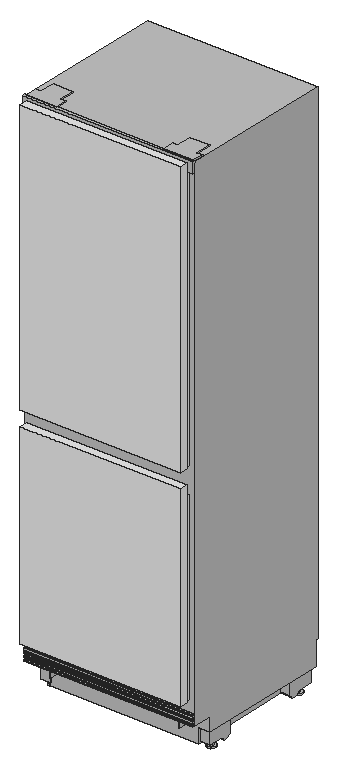
Revit family "FP-Revit18-en-RS6019BRU1-FridgeFreezer-0-AA-BI-HK-SG-CN-EU-90002452A", category Specialty Equipment, Revit 2018
Family settings
  Round Connector Dimension = Use Diameter
  Part Type = Normal
  OmniClass Number = 23.40.40.11.11
  OmniClass Title = Refrigerators and Freezers
  Work Plane-Based = No
  Always vertical = Yes
  Cut with Voids When Loaded = Yes
  Shared = No
  Room Calculation Point = No
Parameters (values of type "RS6019BRU1")
  Visibility - Toe Kick Panel [instance] = no
  Visibility - Clearance Required [instance] = yes
  URL = "www.fisherpaykel.com"
  Panel - Width [instance] = 592 mm
  Panel - Thickness [instance] = 19 mm
  Panel - FFL to Bottom of Bottom Panel (15mm - 150mm) [instance] = 102 mm
  Toe Kick - Recess [instance] = 63 mm
  Stainless Steel Door Panels (RD6019BR) [instance] = no
  Product - Width = 592 mm  # constant formula
  Product - Height [instance] = ([Cavity - Height (1870mm - 1890mm)])  # 1880 mm
  Product - Depth (exl front panel) = 579 mm  # constant formula
  Model = "RS6019BRU1"
  Material - Door Structure = Fisher & Paykel - White
  Material - Door Front [instance] = Fisher & Paykel - Stainless Steel
  Material - Body = Fisher & Paykel - Grey
  Manufacturer = "Fisher & Paykel Appliances"
  Handle Style - Professional Round Flush (AHP3RDB19) [instance] = no
  Handle Style - Contemporary Square Fine Black (AHD5RDB19B) [instance] = no
  Handle Style - Contemporary Square Fine (AHD5RDB19) [instance] = no
  Handle Style - Contemporary Round (AHSRDB19) [instance] = no
  Handle Style - Classic Round (AHCLRDB) [instance] = no
  Description = "60cm Integrated Refrigerator with Bottom mount Freezer"
  Connector Description - Water = "min 275 kPa (40 psi) max 827 kPa (120 psi)"
  Connector Description - Electrical = "230 V, 50 Hz, 10 A circuit"
  Cavity - Width = 600 mm  # constant formula
  Cavity - Height (1870mm - 1890mm) [instance] = 1880 mm
  Panel - FFL to Top of Top Panel (1867mm min) [instance] = 1877 mm
  Cavity - Depth (600mm min with services external) = 600 mm
Reference planes
  plane 1 "Datum": y = 0
  plane 2: z = 0
  plane 3 "Center (Left/Right)": x = 0
  plane 4 "Product LHS": x = -296
  plane 5 "Product RHS": x = 296
  plane 6 "Product - Depth": y = 579
  plane 7: x = -300
  plane 8: x = 300
  plane 9 "Cavity - Depth": y = 581
  plane 10 "Product Height": z = 1880
  plane 11 "Cavity Height": z = 1880
  plane 12 "Panel Thickness": y = -19
  plane 13 "Base": z = 14.497
Forms (mm)
  Extrusion 1, solid, material "Fisher & Paykel - Grey" <- "Material - Body"
    sketch origin (0, 0, 0) x (0, 1, 0) y (0, 0, 1)
      loop
        line (108, 62.997) -> (571.5, 62.997) -> (571.5, 149.997) -> (579, 149.997) -> (579, 1875.998) -> (42.5, 1875.998) -> (42.5, 110.697) -> (108, 110.697) -> (108, 62.997)
    from -296 to 296
  Extrusion 2, solid, material "Fisher & Paykel - Grey" <- "Material - Body"
    sketch origin (0, 0, 0) x (1, 0, 0) y (0, 0, 1)
      loop
        circle (87.23, 31.993) r 5
      loop
        circle (-241.922, 42) r 6
    from -579 to -571.5
  Extrusion 3, solid, material "Fisher & Paykel - White" <- "Material - Door Structure"
    sketch origin (0, 0, 0) x (1, 0, 0) y (0, 1, 0)
      loop
        line (-274.25, 42.5) -> (-274.25, 28.4) -> (274.25, 28.4) -> (274.25, 42.5) -> (-274.25, 42.5)
    from 917.747 to 1838.148
  Extrusion 4, solid, material "Fisher & Paykel - White" <- "Material - Door Structure"
    sketch origin (0, 0, 0) x (1, 0, 0) y (0, 1, 0)
      loop
        line (-280, 28.4) -> (-280, 0) -> (280, 0) -> (280, 28.4) -> (-280, 28.4)
    from 916.247 to 1872.747
  Extrusion 5, solid, material "Fisher & Paykel - Stainless Steel" <- "Material - Door Front", visible <- "Stainless Steel Door Panels (RD6019BR)"
    sketch origin (0, 0, 21.503) x (0, 1, 0) y (0, 0, 1)
      loop
        line (-19, 1855.497) -> (-19, 854.497) -> (0, 854.497) -> (0, 1855.497) -> (-19, 1855.497)
      loop
        line (-19, 80.497) -> (0, 80.497) -> (0, 851.497) -> (-19, 851.497) -> (-19, 80.497)
    from -296 to 296
  Extrusion 6, solid, material "Fisher & Paykel - Clearance Required", visible <- "Visibility - Clearance Required", detail levels coarse
    sketch origin (0, 0, 0) x (1, 0, 0) y (0, 1, 0)
      loop
        line (-300, 581) -> (-300, 0) -> (300, 0) -> (300, 581) -> (-300, 581)
    from 0 to 1880
  Extrusion 7, solid, material "Fisher & Paykel - White" <- "Material - Door Structure"
    sketch origin (0, 0, 0) x (1, 0, 0) y (0, 1, 0)
      loop
        line (-280, 28.4) -> (-280, 0) -> (280, 0) -> (280, 28.4) -> (-280, 28.4)
    from 183.947 to 865.047
  Extrusion 8, solid, material "Fisher & Paykel - White" <- "Material - Door Structure"
    sketch origin (0, 0, 0) x (1, 0, 0) y (0, 1, 0)
      loop
        line (-274.25, 42.5) -> (-274.25, 28.4) -> (274.25, 28.4) -> (274.25, 42.5) -> (-274.25, 42.5)
    from 185.35 to 828.347
  Extrusion 9, solid, material "Fisher & Paykel - Clearance Required", visible <- "Visibility - Clearance Required", detail levels coarse
    sketch origin (0, -8.858, 0) x (1, 0, 0) y (0, 1, 0)
      loop
        arc (-296, -10.142) -> (-23.116, -502.405) -> (539.267, -525.083) r 574.255
        line (539.267, -525.083) -> (299.146, -10.142) -> (-296, -10.142)
    from 0 to 1880
  Extrusion 10, solid, material "Fisher & Paykel - Grey" <- "Material - Body", detail levels fine
    sketch origin (0, 0, 0) x (0, 1, 0) y (0, 0, 1)
      loop
        line (35.5, 149.997) -> (35.5, 145.997) -> (42.5, 145.997) -> (42.5, 149.997) -> (35.5, 149.997)
      loop
        line (35.5, 138.233) -> (35.5, 134.233) -> (42.5, 134.233) -> (42.5, 138.233) -> (35.5, 138.233)
      loop
        line (35.5, 114.697) -> (35.5, 110.697) -> (42.5, 110.697) -> (42.5, 114.697) -> (35.5, 114.697)
      loop
        line (35.5, 126.467) -> (35.5, 122.467) -> (42.5, 122.467) -> (42.5, 126.467) -> (35.5, 126.467)
      loop
        line (33.5, 1880) -> (33.5, 1842.094) -> (42.5, 1842.094) -> (42.5, 1880) -> (33.5, 1880)
    from -296 to 296
  Extrusion 11, solid, material "Fisher & Paykel - Grey" <- "Material - Body"
    sketch origin (0, 0, 0) x (0, 1, 0) y (0, 0, 1)
      loop
        line (108, 62.997) -> (108, 14.497) -> (571.5, 14.497) -> (571.5, 62.997) -> (108, 62.997)
    from -259 to 259
  Extrusion 12, solid, material "Fisher & Paykel - Grey" <- "Material - Body"
    sketch origin (0, 0, 0) x (0, 1, 0) y (0, 0, 1)
      loop
        line (199.5, 62.997) -> (109.5, 62.997) -> (109.5, 21.997) -> (161.836, 21.997)
        arc (161.836, 21.997) -> (180.668, 9.967) -> (199.5, 21.997) r 20.754
        line (199.5, 21.997) -> (199.5, 62.997)
      loop
        line (460.586, 62.997) -> (460.586, 21.997)
        arc (460.586, 21.997) -> (479.418, 9.967) -> (498.25, 21.997) r 20.754
        line (498.25, 21.997) -> (550.586, 21.997) -> (550.586, 62.997) -> (460.586, 62.997)
    from 259 to 294
  Extrusion 13, solid, material "Fisher & Paykel - Grey" <- "Material - Body", detail levels fine
    sketch origin (0, 0, 0) x (1, 0, 0) y (0, 1, 0)
      loop
        line (-273, 136.5) -> (-273, 82.6) -> (-291, 82.6) -> (-291, 42.5) -> (-187, 42.5) -> (-187, 82.6) -> (-205, 82.6) -> (-205, 136.5) -> (-273, 136.5)
      loop
        line (273, 136.5) -> (205, 136.5) -> (205, 82.6) -> (187, 82.6) -> (187, 42.5) -> (291, 42.5) -> (291, 82.6) -> (273, 82.6) -> (273, 136.5)
    from 1875.998 to 1880
  Extrusion 14, solid, material "Fisher & Paykel - Stainless Steel" <- "Material - Door Front", visible <- "Visibility - Toe Kick Panel"
    sketch origin (0, 0, 0) x (0, 1, 0) y (0, 0, 1)
      loop
        line (44, 110) -> (44, 0) -> (63, 0) -> (63, 110) -> (44, 110)
    from -296 to 296
  Extrusion 15, solid, material "Fisher & Paykel - Grey" <- "Material - Body", detail levels fine
    sketch origin (0, 0, 0) x (1, 0, 0) y (0, 1, 0)
      loop
        circle (276.5, 140.6) r 15
      loop
        circle (276.5, 519.6) r 15
      loop
        circle (-276.5, 140.6) r 15
      loop
        circle (-276.5, 519.6) r 15
    from 0 to 3
  Extrusion 16, solid, material "Fisher & Paykel - Grey" <- "Material - Body", detail levels fine
    sketch origin (0, 0, 0) x (1, 0, 0) y (0, 1, 0)
      loop
        circle (276.5, 140.6) r 5
      loop
        circle (276.5, 519.6) r 5
      loop
        circle (-276.5, 140.6) r 5
      loop
        circle (-276.5, 519.6) r 5
    from 3 to 21.997
  Extrusion 17, solid, material "Fisher & Paykel - Grey" <- "Material - Body", detail levels fine
    sketch origin (0, 0, 0) x (0, 1, 0) y (0, 0, 1)
      loop
        line (63.1, 70.7) -> (108, 70.7) -> (108, 110.697) -> (63.1, 110.697) -> (63.1, 70.7)
    from 224 to 226
  Extrusion 18, solid, material "Fisher & Paykel - Grey" <- "Material - Body", detail levels fine
    sketch origin (0, 0, 0) x (0, 1, 0) y (0, 0, -1)
      loop
        line (63.1, -70.7) -> (63.1, -110.697) -> (108, -110.697) -> (108, -70.7) -> (63.1, -70.7)
    from 224 to 226
  Extrusion 19, solid, material "Fisher & Paykel - Grey" <- "Material - Body"
    sketch origin (0, 0, 0) x (0, 1, 0) y (0, 0, -1)
      loop
        line (199.5, -62.997) -> (199.5, -21.997)
        arc (199.5, -21.997) -> (180.668, -9.967) -> (161.836, -21.997) r 20.754
        line (161.836, -21.997) -> (109.5, -21.997) -> (109.5, -62.997) -> (199.5, -62.997)
      loop
        line (460.586, -62.997) -> (550.586, -62.997) -> (550.586, -21.997) -> (498.25, -21.997)
        arc (498.25, -21.997) -> (479.418, -9.967) -> (460.586, -21.997) r 20.754
        line (460.586, -21.997) -> (460.586, -62.997)
    from 259 to 294
  Extrusion 20, void
    sketch origin (0, 1000, 0) x (1, 0, 0) y (0, 1, 0)
      loop
        line (-300, -419) -> (-300, -1019) -> (300, -1019) -> (300, -419) -> (-300, -419)
    from 0 to 1880
Cuts and joins
  joined: Extrusion 1, Extrusion 11, Extrusion 12
Text (mm)
  text "Due to ongoing product development, product details are subject to change without notice. \nPlease always refer to www.fisherpaykel.com for the most current product information. \n© Fisher & Paykel 2020" at (41.04, -678.295, 0), in view "Ref. Level (Plan)"
Dimensions and locks
  equal spacing: plane 4 "Product LHS", plane 3 "Center (Left/Right)", plane 5 "Product RHS"
  "Product - Width": plane 4 "Product LHS" to plane 5 "Product RHS"
  "Product - Depth (exl front panel)": plane 1 "Datum" to plane 6 "Product - Depth"
  equal spacing: plane 7, plane 3 "Center (Left/Right)", plane 8
  "Cavity - Width": plane 7 to plane 8
  Extrusion 2 sketch curve to plane 5 "Product RHS" = 208.77 mm
  plane 4 "Product LHS" to Extrusion 2 sketch curve = 54.078 mm
  "Cavity - Height (1870mm - 1890mm)": plane 11 "Cavity Height" to level
  locked: cut or joined group of Extrusion 1, Extrusion 11, Extrusion 12 to plane 10 "Product Height" at 4.002
  "Panel - Thickness": Extrusion 14 to Extrusion 14
  "Toe Kick - Recess": plane 1 "Datum" to Extrusion 14
  locked: Extrusion 9 sketch curve to plane 12 "Panel Thickness" at 514.941
  locked: Extrusion 9 sketch curve to Extrusion 9 sketch curve at 568.175
  Extrusion 9 to nested 1 = 1415.495 mm
  "Panel - Thickness": plane 12 "Panel Thickness" to plane 1 "Datum"
  plane 13 "Base" to level = 14.497 mm
  Extrusion 5 to Extrusion 5 = 1001 mm
  locked: Extrusion 5 to Extrusion 5 at 3
  locked: plane 10 "Product Height" to plane 13 "Base" at 1865.503
  Extrusion 5 to plane 13 "Base" = 858.503 mm
  Extrusion 5 to plane 13 "Base" = 861.502 mm
  locked: nested 1 to plane 13 "Base" at 548.997
  locked: nested 1 to plane 13 "Base" at 877.997
  locked: plane 10 "Product Height" to plane 11 "Cavity Height" at 0
  locked: cut or joined group of Extrusion 1, Extrusion 11, Extrusion 12 to plane 13 "Base" at 96.2
  locked: cut or joined group of Extrusion 1, Extrusion 11, Extrusion 12 to plane 13 "Base" at 7.5
  locked: Extrusion 7 to plane 13 "Base" at 169.45
  locked: Extrusion 8 to plane 13 "Base" at 813.85
  locked: Extrusion 7 to plane 13 "Base" at 850.55
  locked: Extrusion 4 to plane 13 "Base" at 901.75
  locked: Extrusion 3 to plane 13 "Base" at 903.25
  locked: Extrusion 3 to plane 13 "Base" at 1823.65
  locked: Extrusion 4 to plane 13 "Base" at 1858.25
  locked: Extrusion 14 to cut or joined group of Extrusion 1, Extrusion 11, Extrusion 12 at 0.697
  locked: Extrusion 17 to plane 13 "Base" at 56.203
  locked: plane 13 "Base" to Extrusion 8 at 170.853
  locked: Extrusion 10 to plane 13 "Base" at 1827.596
  "Panel - FFL to Top of Top Panel (1867mm min)": Extrusion 5 to level
  "Panel - FFL to Bottom of Bottom Panel (15mm - 150mm)": Extrusion 5 to level
  locked: Extrusion 5 to plane 13 "Base" at 858.503
  equal spacing: Extrusion 5, plane 3 "Center (Left/Right)", Extrusion 5
  "Panel - Width": Extrusion 5 to Extrusion 5
  "Cavity - Depth (600mm min with services external)": plane 12 "Panel Thickness" to plane 9 "Cavity - Depth"
  locked: nested 2 to plane 13 "Base" at 549
  locked: nested 3 to plane 13 "Base" at 574.5
  locked: nested 4 to plane 13 "Base" at 549
  locked: nested 5 to plane 13 "Base" at 563.997
  radius of Extrusion 2 sketch curve = 5 mm
  diameter of Extrusion 9 sketch curve = 1148.51 mm
  aligned and locked: level to plane 2
  aligned and locked: Extrusion 1 to plane 5 "Product RHS"
  aligned and locked: plane 4 "Product LHS" to Extrusion 1
  aligned and locked: Extrusion 13 to cut or joined group of Extrusion 1, Extrusion 11, Extrusion 12
  aligned and locked: Extrusion 2 to cut or joined group of Extrusion 1, Extrusion 11, Extrusion 12
  aligned and locked: Extrusion 6 to plane 11 "Cavity Height"
  aligned and locked: Extrusion 10 to plane 10 "Product Height"
  aligned and locked: Extrusion 13 to plane 10 "Product Height"
  aligned and locked: Extrusion 5 to Extrusion 9  (x2)
  aligned and locked: plane 12 "Panel Thickness" to nested 1
  aligned and locked: Extrusion 11 to plane 13 "Base"
  aligned and locked: cut or joined group of Extrusion 1, Extrusion 11, Extrusion 12 to cut or joined group of Extrusion 1, Extrusion 11, Extrusion 12  (x4)
  aligned and locked: Extrusion 17 to cut or joined group of Extrusion 1, Extrusion 11, Extrusion 12
  aligned and locked: Extrusion 10 to cut or joined group of Extrusion 1, Extrusion 11, Extrusion 12
  aligned and locked: Extrusion 18 to Extrusion 10
  aligned and locked: Extrusion 18 to Extrusion 17
  aligned and locked: Extrusion 12 to Extrusion 1
  aligned and locked: Extrusion 16 to cut or joined group of Extrusion 1, Extrusion 11, Extrusion 12
  aligned and locked: Extrusion 9 to plane 11 "Cavity Height"
  aligned and locked: plane 12 "Panel Thickness" to nested 2
  aligned and locked: plane 12 "Panel Thickness" to nested 3
  aligned and locked: Extrusion 20 to plane 7
  aligned and locked: Extrusion 20 to plane 8
  aligned and locked: Extrusion 20 to plane 11 "Cavity Height"
  aligned and locked: Extrusion 20 to level
  aligned and locked: plane 12 "Panel Thickness" to Extrusion 20
  aligned and locked: plane 9 "Cavity - Depth" to Extrusion 20
  aligned and locked: plane 12 "Panel Thickness" to nested 4
  aligned and locked: plane 12 "Panel Thickness" to nested 5
Automatic sketch dimensions
  Extrusion 1 sketch curve to plane 6 "Product - Depth" = 0 mm
  Extrusion 1 sketch curve to plane 6 "Product - Depth" = 7.5 mm
  plane 13 "Base" to Extrusion 1 sketch curve = 48.5 mm
  Extrusion 1 sketch curve to plane 1 "Datum" = 108 mm
  plane 10 "Product Height" to Extrusion 1 sketch curve = 4.002 mm
  Extrusion 1 sketch curve to plane 1 "Datum" = 42.5 mm
  Extrusion 1 sketch curve to Extrusion 1 sketch curve = 47.7 mm
  Extrusion 1 sketch curve to Extrusion 1 sketch curve = 87 mm
  plane 13 "Base" to Extrusion 2 sketch curve = 17.495 mm
  plane 13 "Base" to Extrusion 2 sketch curve = 27.503 mm
  Extrusion 3 sketch curve to plane 4 "Product LHS" = 21.75 mm
  plane 5 "Product RHS" to Extrusion 3 sketch curve = 21.75 mm
  Extrusion 3 sketch curve to plane 1 "Datum" = 28.4 mm
  Extrusion 3 sketch curve to Extrusion 3 sketch curve = 14.1 mm
  plane 1 "Datum" to Extrusion 4 sketch curve = 0 mm
  Extrusion 4 sketch curve to plane 4 "Product LHS" = 16 mm
  plane 5 "Product RHS" to Extrusion 4 sketch curve = 16 mm
  Extrusion 4 sketch curve to plane 1 "Datum" = 28.4 mm
  Extrusion 5 sketch curve to plane 12 "Panel Thickness" = 0 mm  (x2)
  Extrusion 5 sketch curve to plane 1 "Datum" = 0 mm  (x2)
  plane 13 "Base" to Extrusion 5 sketch curve = 87.503 mm
  Extrusion 5 sketch curve to Extrusion 5 sketch curve = 771 mm
  Extrusion 5 sketch curve to Extrusion 5 sketch curve = 3 mm
  plane 10 "Product Height" to Extrusion 5 sketch curve = 3 mm
  plane 1 "Datum" to Extrusion 6 sketch curve = 0 mm
  Extrusion 6 sketch curve to plane 7 = 0 mm
  Extrusion 6 sketch curve to plane 8 = 0 mm
  Extrusion 6 sketch curve to plane 9 "Cavity - Depth" = 0 mm
  plane 1 "Datum" to Extrusion 7 sketch curve = 0 mm
  Extrusion 7 sketch curve to plane 4 "Product LHS" = 16 mm
  plane 5 "Product RHS" to Extrusion 7 sketch curve = 16 mm
  Extrusion 7 sketch curve to plane 1 "Datum" = 28.4 mm
  Extrusion 8 sketch curve to plane 4 "Product LHS" = 21.75 mm
  plane 5 "Product RHS" to Extrusion 8 sketch curve = 21.75 mm
  Extrusion 8 sketch curve to plane 1 "Datum" = 28.4 mm
  Extrusion 8 sketch curve to Extrusion 8 sketch curve = 14.1 mm
  Extrusion 9 sketch curve to plane 4 "Product LHS" = 0 mm
  plane 12 "Panel Thickness" to Extrusion 9 sketch curve = 0 mm
  plane 12 "Panel Thickness" to Extrusion 9 sketch curve = 3.437 mm
  plane 10 "Product Height" to Extrusion 10 sketch curve = 0 mm
  Extrusion 10 sketch curve to plane 1 "Datum" = 33.5 mm
  Extrusion 10 sketch curve to plane 1 "Datum" = 35.5 mm
  Extrusion 10 sketch curve to Extrusion 10 sketch curve = 0 mm  (x3)
  Extrusion 10 sketch curve to Extrusion 10 sketch curve = 7 mm  (x4)
  Extrusion 10 sketch curve to Extrusion 10 sketch curve = 9 mm
  Extrusion 10 sketch curve to Extrusion 10 sketch curve = 37.906 mm
  plane 13 "Base" to Extrusion 10 sketch curve = 135.5 mm
  Extrusion 10 sketch curve to Extrusion 10 sketch curve = 4 mm  (x4)
  Extrusion 10 sketch curve to Extrusion 10 sketch curve = 7.764 mm
  Extrusion 10 sketch curve to Extrusion 10 sketch curve = 7.767 mm
  Extrusion 10 sketch curve to Extrusion 10 sketch curve = 7.769 mm
  Extrusion 11 sketch curve to plane 13 "Base" = 0 mm
  Extrusion 11 sketch curve to plane 1 "Datum" = 108 mm
  Extrusion 11 sketch curve to plane 6 "Product - Depth" = 7.5 mm
  Extrusion 11 sketch curve to Extrusion 11 sketch curve = 48.5 mm
  plane 13 "Base" to Extrusion 12 sketch curve = 48.5 mm
  Extrusion 12 sketch curve to plane 1 "Datum" = 109.5 mm
  plane 13 "Base" to Extrusion 12 sketch curve = 7.5 mm  (x2)
  Extrusion 12 sketch curve to Extrusion 12 sketch curve = 52.336 mm
  Extrusion 12 sketch curve to Extrusion 12 sketch curve = 18.832 mm  (x4)
  Extrusion 12 sketch curve to plane 6 "Product - Depth" = 118.414 mm
  Extrusion 12 sketch curve to plane 6 "Product - Depth" = 28.414 mm
  plane 13 "Base" to Extrusion 12 sketch curve = 16.224 mm  (x2)
  Extrusion 12 sketch curve to Extrusion 12 sketch curve = 41 mm
  Extrusion 13 sketch curve to plane 4 "Product LHS" = 5 mm
  Extrusion 13 sketch curve to Extrusion 13 sketch curve = 18 mm  (x3)
  Extrusion 13 sketch curve to Extrusion 13 sketch curve = 68 mm
  plane 5 "Product RHS" to Extrusion 13 sketch curve = 109 mm
  plane 5 "Product RHS" to Extrusion 13 sketch curve = 23 mm
  plane 5 "Product RHS" to Extrusion 13 sketch curve = 5 mm
  Extrusion 13 sketch curve to plane 1 "Datum" = 42.5 mm  (x2)
  Extrusion 13 sketch curve to Extrusion 13 sketch curve = 40.1 mm  (x4)
  Extrusion 13 sketch curve to Extrusion 13 sketch curve = 53.9 mm  (x2)
  Extrusion 14 sketch curve to level = 0 mm
  Extrusion 14 sketch curve to plane 1 "Datum" = 44 mm
  Extrusion 14 sketch curve to Extrusion 14 sketch curve = 19 mm
  plane 13 "Base" to Extrusion 14 sketch curve = 95.503 mm
  Extrusion 15 sketch curve to plane 4 "Product LHS" = 19.5 mm  (x2)
  plane 5 "Product RHS" to Extrusion 15 sketch curve = 19.5 mm  (x2)
  Extrusion 15 sketch curve to plane 1 "Datum" = 140.6 mm  (x2)
  Extrusion 15 sketch curve to plane 6 "Product - Depth" = 59.4 mm  (x2)
  Extrusion 16 sketch curve to plane 4 "Product LHS" = 19.5 mm  (x2)
  plane 5 "Product RHS" to Extrusion 16 sketch curve = 19.5 mm  (x2)
  Extrusion 16 sketch curve to plane 1 "Datum" = 140.6 mm  (x2)
  Extrusion 16 sketch curve to plane 6 "Product - Depth" = 59.4 mm  (x2)
  Extrusion 17 sketch curve to plane 1 "Datum" = 63.1 mm
  Extrusion 17 sketch curve to Extrusion 17 sketch curve = 44.9 mm
  plane 13 "Base" to Extrusion 17 sketch curve = 56.203 mm
  Extrusion 17 sketch curve to Extrusion 17 sketch curve = 39.997 mm
  Extrusion 18 sketch curve to plane 1 "Datum" = 63.1 mm
  Extrusion 18 sketch curve to Extrusion 18 sketch curve = 44.9 mm
  plane 13 "Base" to Extrusion 18 sketch curve = 96.2 mm
  Extrusion 18 sketch curve to Extrusion 18 sketch curve = 39.997 mm
  plane 13 "Base" to Extrusion 19 sketch curve = 48.5 mm
  Extrusion 19 sketch curve to plane 1 "Datum" = 109.5 mm
  plane 13 "Base" to Extrusion 19 sketch curve = 7.5 mm  (x2)
  Extrusion 19 sketch curve to Extrusion 19 sketch curve = 52.336 mm
  Extrusion 19 sketch curve to Extrusion 19 sketch curve = 18.832 mm  (x4)
  Extrusion 19 sketch curve to plane 6 "Product - Depth" = 118.414 mm
  Extrusion 19 sketch curve to plane 6 "Product - Depth" = 28.414 mm
  Extrusion 19 sketch curve to Extrusion 19 sketch curve = 41 mm
  plane 13 "Base" to Extrusion 19 sketch curve = 16.224 mm  (x2)
  Extrusion 20 sketch curve to plane 7 = 0 mm
  Extrusion 20 sketch curve to plane 8 = 0 mm
  Extrusion 20 sketch curve to plane 9 "Cavity - Depth" = 600 mm
  Extrusion 20 sketch curve to Extrusion 20 sketch curve = 600 mm
  radius of Extrusion 2 sketch curve = 6 mm
  radius of Extrusion 15 sketch curve = 15 mm  (x4)
  radius of Extrusion 16 sketch curve = 5 mm  (x4)
Nested families
  nested 1: "F&P Handle Kit - Contemporary Square Fine - RS60B" at (-234, -19, 10), visible <- "Handle Style - Contemporary Square Fine (AHD5RDB19)", type "AHD5RDB19 - Contemporary Square fine handle kit"
  nested 2: "F&P Handle Kit - Contemporary Square Fine - RS60B" at (-234, -19, 10.003), visible <- "Handle Style - Contemporary Square Fine Black (AHD5RDB19B)", type "AHD5RDB19B - Contemporary Square fine black handle kit"
  nested 3: "F&P Handle Kit - Professional Round Flush - RS60B" at (-234, -19, 989.497), visible <- "Handle Style - Professional Round Flush (AHP3RDB19)", type "AHP3RDB19 - Professional round flush handle"
  nested 4: "F&P Handle Kit - Contemporary Round RS60B" at (-234, -19, 989.497), visible <- "Handle Style - Contemporary Round (AHSRDB19)", type "26239 AHSRDB19 AA - Contemporary round handle kit"
  nested 5: "F&P Handle Kit - Classic Round RS60B" at (-234, -19, 989.495), visible <- "Handle Style - Classic Round (AHCLRDB)", type "26594 AHCLRDB AA - Classic round handle kit"
Connectors
  electrical at (87.23, 579, 31.993), driven by "Connector Description - Electrical"
    settings: on Extrusion 2, index 1, voltage 230 V, apparent load 0 VA, apparent load phase1 0 VA, apparent load phase2 0 VA, apparent load phase3 0 VA, power factor 1, load classification "Other", number of poles 1, system type 30, power factor state 1, is connector primary yes, connector utility no, sub classification motor no, connector description "230 V, 50 Hz, 10 A circuit"
  piping at (-241.922, 579, 42), diameter 11, driven by "Connector Description - Water"
    settings: on Extrusion 2, index 2, connector inside diameter 609.6 mm, connector length 0 mm, flow factor 0, pipe flow 0.0 L/s, pressure drop 0.0 Pa, fitting loss kfactor 0, connector angle 0.00°, fixture units 0, engagement length 0 mm, angle of deflection 0.00°, flow configuration 0, flow direction 1, fitting loss method 0, system type 20, joint type 0, gender type 0, connector reference index -1, connector utility 0, adjustable connector no, is connector primary yes, connector description "min 275 kPa (40 psi) max 827 kPa (120 psi)"
Definition of nested family "F&P Handle Kit - Contemporary Square Fine - RS60B"
  Parameters (values of type "AHD5RDB74 - Contemporary Square fine handle kit")
    URL = "www.fisherpaykel.com"
    Model = "AHD5RDB"
    Material - Handle = none
    Manufacturer = "Fisher & Paykel Appliances"
  Types (4, lengths in mm): name | Model
    AHD5RDB19 - Contemporary Square fine handle kit | "AHD5RDB19"
    AHD5RDB74 - Contemporary Square fine handle kit | "AHD5RDB"
    AHD5RDB19B - Contemporary Square fine black handle kit | "AHD5RDB19B"
    AHD5RDB74B - Contemporary Square fine black handle kit | "AHD5RDB74B"
  Reference planes
    plane 1 "Center (Front/Back)": y = 0
    plane 2: z = 0
    plane 3 "Center (Left/Right)": x = 0
  Forms (mm)
    Extrusion 1, solid, material <- "Material - Handle", detail levels fine
      sketch origin (0, 0, 0) x (1, 0, 0) y (0, 1, 0)
        loop
          arc (-6.16, -26.813) -> (-6.554, -27.196) -> (-6.686, -27.728) r 1
          line (-6.686, -27.728) -> (-6.256, -40.035)
          arc (-6.256, -40.035) -> (-5.951, -40.719) -> (-5.257, -41) r 1
          line (-5.257, -41) -> (5.257, -41)
          arc (5.257, -41) -> (5.951, -40.719) -> (6.256, -40.035) r 1
          line (6.256, -40.035) -> (6.686, -27.709)
          arc (6.686, -27.709) -> (6.554, -27.175) -> (6.158, -26.792) r 1
          arc (6.158, -26.792) -> (-0.004, -25.256) -> (-6.16, -26.813) r 13.038
      from 553.495 to 847.495
    Extrusion 2, solid, material <- "Material - Handle", detail levels fine
      sketch origin (0, 0, 0) x (1, 0, 0) y (0, 1, 0)
        loop
          arc (6.012, -26.626) -> (6.494, -26.614) -> (6.741, -26.2) r 0.5
          line (6.741, -26.2) -> (7.7, 0) -> (-7.7, 0) -> (-6.742, -26.174)
          arc (-6.742, -26.174) -> (-6.496, -26.587) -> (-6.015, -26.6) r 0.5
          arc (-6.015, -26.6) -> (0.002, -25.156) -> (6.012, -26.626) r 13.136
      from 803.495 to 847.495
    Extrusion 3, solid, material <- "Material - Handle", detail levels coarse+medium
      sketch origin (0, 0, 0) x (0, 1, 0) y (0, 0, 1)
        loop
          line (0, 847.495) -> (-42, 847.495) -> (-42, 553.495) -> (0, 553.495) -> (0, 673.495) -> (-26.245, 673.495) -> (-26.245, 803.495) -> (0, 803.495) -> (0, 847.495)
      from -8 to 8
    Extrusion 4, solid, material <- "Material - Handle", detail levels fine
      sketch origin (0, 0, 0) x (1, 0, 0) y (0, 1, 0)
        loop
          arc (6.012, -26.626) -> (6.494, -26.614) -> (6.741, -26.2) r 0.5
          line (6.741, -26.2) -> (7.7, 0) -> (-7.7, 0) -> (-6.742, -26.174)
          arc (-6.742, -26.174) -> (-6.496, -26.587) -> (-6.015, -26.6) r 0.5
          arc (-6.015, -26.6) -> (0.002, -25.156) -> (6.012, -26.626) r 13.136
      from 553.495 to 673.495
    Extrusion 5, solid, material <- "Material - Handle", detail levels fine
      sketch origin (0, 0, 0) x (1, 0, 0) y (0, 1, 0)
        loop
          arc (-6.16, -26.813) -> (-6.554, -27.196) -> (-6.686, -27.728) r 1
          line (-6.686, -27.728) -> (-6.256, -40.035)
          arc (-6.256, -40.035) -> (-5.951, -40.719) -> (-5.257, -41) r 1
          line (-5.257, -41) -> (5.257, -41)
          arc (5.257, -41) -> (5.951, -40.719) -> (6.256, -40.035) r 1
          line (6.256, -40.035) -> (6.686, -27.709)
          arc (6.686, -27.709) -> (6.554, -27.175) -> (6.158, -26.792) r 1
          arc (6.158, -26.792) -> (-0.004, -25.256) -> (-6.16, -26.813) r 13.038
      from 882.495 to 1405.495
    Extrusion 6, solid, material <- "Material - Handle", detail levels fine
      sketch origin (0, 0, 0) x (1, 0, 0) y (0, 1, 0)
        loop
          arc (6.012, -26.626) -> (6.494, -26.614) -> (6.741, -26.2) r 0.5
          line (6.741, -26.2) -> (7.7, 0) -> (-7.7, 0) -> (-6.742, -26.174)
          arc (-6.742, -26.174) -> (-6.496, -26.587) -> (-6.015, -26.6) r 0.5
          arc (-6.015, -26.6) -> (0.002, -25.156) -> (6.012, -26.626) r 13.136
      from 1285.495 to 1405.495
    Extrusion 7, solid, material <- "Material - Handle", detail levels coarse+medium
      sketch origin (0, 0, 0) x (0, 1, 0) y (0, 0, 1)
        loop
          line (0, 1405.495) -> (-42, 1405.495) -> (-42, 882.495) -> (0, 882.495) -> (0, 926.495) -> (-26.245, 926.495) -> (-26.245, 1285.495) -> (0, 1285.495) -> (0, 1405.495)
      from -8 to 8
    Extrusion 8, solid, material <- "Material - Handle", detail levels fine
      sketch origin (0, 0, 0) x (1, 0, 0) y (0, 1, 0)
        loop
          arc (6.012, -26.626) -> (6.494, -26.614) -> (6.741, -26.2) r 0.5
          line (6.741, -26.2) -> (7.7, 0) -> (-7.7, 0) -> (-6.742, -26.174)
          arc (-6.742, -26.174) -> (-6.496, -26.587) -> (-6.015, -26.6) r 0.5
          arc (-6.015, -26.6) -> (0.002, -25.156) -> (6.012, -26.626) r 13.136
      from 882.495 to 926.495
  Dimensions and locks
    aligned and locked: level to plane 2
Definition of nested family "F&P Handle Kit - Professional Round Flush - RS60B"
  Parameters (values of type "AHP3RDB74 - Professional round flush handle")
    URL = "www.fisherpaykel.com"
    Material - Handle = none
    Manufacturer = "Fisher & Paykel Appliances"
    Handle - Length = 801 mm
  Types (3): name
    (no name)
    AHP3RDB74 - Professional round flush handle
    AHP3RDB19 - Professional round flush handle
  Reference planes
    plane 1 "Center (Front/Back)": y = 0
    plane 2: z = 0
    plane 3 "Center (Left/Right)": x = 0
    plane 4 "Top": z = 400.5
    plane 5 "Bottom": z = -400.5
    plane 6 "Top Standoff": z = 340.5
    plane 7 "Bottom Standoff": z = -340.5
  Forms (mm)
    Extrusion 1, solid, material <- "Material - Handle", detail levels fine
      sketch origin (0, 0, 0) x (1, 0, 0) y (0, 1, 0)
        loop
          arc (-12.817, -46.665) -> (0, -58.016) -> (12.817, -46.665) r 12.912
          line (12.817, -46.665) -> (18.5, 0) -> (-18.5, 0) -> (-12.817, -46.665)
      from 340.5 to 400.5
    Extrusion 2, solid, material <- "Material - Handle", detail levels fine
      sketch origin (0, 0, 0) x (1, 0, 0) y (0, 1, 0)
        loop
          arc (-12.817, -46.665) -> (0, -58.016) -> (12.817, -46.665) r 12.912
          line (12.817, -46.665) -> (18.5, 0) -> (-18.5, 0) -> (-12.817, -46.665)
      from -400.5 to -340.5
    Extrusion 3, solid, material <- "Material - Handle"
      sketch origin (0, 0, 0) x (1, 0, 0) y (0, 1, 0)
        loop
          circle (0, -45.116) r 12.7
      from -340.5 to -192.5
    Sweep 4, void
      path in 3D
        loop
          line (18.5, 0, 400.5) -> (12.817, -46.665, 400.5)
          arc (12.817, -46.665, 400.5) -> (0, -58.016, 400.5) -> (-12.817, -46.665, 400.5) r 12.912
          line (-12.817, -46.665, 400.5) -> (-18.5, 0, 400.5)
      profile origin (0, -58.016, 400.5) x (0, -1, 0) y (0, 0, 1)
        loop
          line (0, 0) -> (-1.5, 0) -> (0, -1.5) -> (0, 0)
    Sweep 5, void
      path in 3D
        loop
          line (-18.5, 0, -400.5) -> (-12.817, -46.665, -400.5)
          arc (-12.817, -46.665, -400.5) -> (0, -58.016, -400.5) -> (12.817, -46.665, -400.5) r 12.912
          line (12.817, -46.665, -400.5) -> (18.5, 0, -400.5)
      profile origin (0, -58.016, -400.5) x (0, -1, 0) y (0, 0, -1)
        loop
          line (0, 0) -> (-1.5, 0) -> (0, -1.5) -> (0, 0)
    Extrusion 6, solid, material <- "Material - Handle", detail levels coarse+medium
      sketch origin (0, 0, 0) x (1, 0, 0) y (0, 1, 0)
        loop
          arc (-12.817, -46.665) -> (0, -58.016) -> (12.817, -46.665) r 12.912
          line (12.817, -46.665) -> (18.5, 0) -> (-18.5, 0) -> (-12.817, -46.665)
      from 340.5 to 400.5
    Extrusion 7, solid, material <- "Material - Handle", detail levels coarse+medium
      sketch origin (0, 0, 0) x (1, 0, 0) y (0, 1, 0)
        loop
          arc (-12.817, -46.665) -> (0, -58.016) -> (12.817, -46.665) r 12.912
          line (12.817, -46.665) -> (18.5, 0) -> (-18.5, 0) -> (-12.817, -46.665)
      from -400.5 to -340.5
    Extrusion 8, solid, material <- "Material - Handle", detail levels fine
      sketch origin (0, 0, 0) x (1, 0, 0) y (0, 1, 0)
        loop
          arc (-12.817, -46.665) -> (0, -58.016) -> (12.817, -46.665) r 12.912
          line (12.817, -46.665) -> (18.5, 0) -> (-18.5, 0) -> (-12.817, -46.665)
      from -192.5 to -132.5
    Extrusion 9, solid, material <- "Material - Handle", detail levels fine
      sketch origin (0, 0, 0) x (1, 0, 0) y (0, 1, 0)
        loop
          arc (-12.817, -46.665) -> (0, -58.016) -> (12.817, -46.665) r 12.912
          line (12.817, -46.665) -> (18.5, 0) -> (-18.5, 0) -> (-12.817, -46.665)
      from -97.5 to -37.5
    Sweep 10, void
      path in 3D
        loop
          line (18.5, 0, -132.5) -> (12.817, -46.665, -132.5)
          arc (12.817, -46.665, -132.5) -> (0, -58.016, -132.5) -> (-12.817, -46.665, -132.5) r 12.912
          line (-12.817, -46.665, -132.5) -> (-18.5, 0, -132.5)
      profile origin (0, -58.016, -132.5) x (0, -1, 0) y (0, 0, 1)
        loop
          line (0, 0) -> (-1.5, 0) -> (0, -1.5) -> (0, 0)
    Sweep 11, void
      path in 3D
        loop
          line (-18.5, 0, -97.5) -> (-12.817, -46.665, -97.5)
          arc (-12.817, -46.665, -97.5) -> (0, -58.016, -97.5) -> (12.817, -46.665, -97.5) r 12.912
          line (12.817, -46.665, -97.5) -> (18.5, 0, -97.5)
      profile origin (0, -58.016, -97.5) x (0, -1, 0) y (0, 0, -1)
        loop
          line (0, 0) -> (-1.5, 0) -> (0, -1.5) -> (0, 0)
    Extrusion 12, solid, material <- "Material - Handle", detail levels coarse+medium
      sketch origin (0, 0, 0) x (1, 0, 0) y (0, 1, 0)
        loop
          arc (-12.817, -46.665) -> (0, -58.016) -> (12.817, -46.665) r 12.912
          line (12.817, -46.665) -> (18.5, 0) -> (-18.5, 0) -> (-12.817, -46.665)
      from -192.5 to -132.5
    Extrusion 13, solid, material <- "Material - Handle", detail levels coarse+medium
      sketch origin (0, 0, 0) x (1, 0, 0) y (0, 1, 0)
        loop
          arc (-12.817, -46.665) -> (0, -58.016) -> (12.817, -46.665) r 12.912
          line (12.817, -46.665) -> (18.5, 0) -> (-18.5, 0) -> (-12.817, -46.665)
      from -97.5 to -37.5
    Extrusion 14, solid, material <- "Material - Handle"
      sketch origin (0, 0, 0) x (1, 0, 0) y (0, 1, 0)
        loop
          circle (0, -45.116) r 12.7
      from -37.5 to 340.5
  Cuts and joins
    Sweep 4, Sweep 10 cuts Extrusion 1
    Sweep 5, Sweep 11 cuts Extrusion 2
    Sweep 10 cuts Extrusion 6
    Sweep 10 cuts Extrusion 8
    Sweep 11 cuts Extrusion 7
    Sweep 11 cuts Extrusion 9
  Lines and regions (mm)
    sketch lines
      curve 1: arc (12.817, -46.665, 400.5) -> (0, -58.016, 400.5) -> (-12.817, -46.665, 400.5) r 12.912
      curve 2: line (12.817, -46.665, 400.5) -> (18.5, 0, 400.5)
      curve 3: line (-18.5, 0, 400.5) -> (-12.817, -46.665, 400.5)
      curve 4: arc (-12.817, -46.665, -400.5) -> (0, -58.016, -400.5) -> (12.817, -46.665, -400.5) r 12.912
      curve 5: line (18.5, 0, -400.5) -> (12.817, -46.665, -400.5)
      curve 6: line (-12.817, -46.665, -400.5) -> (-18.5, 0, -400.5)
      curve 7: arc (12.817, -46.665, -132.5) -> (0, -58.016, -132.5) -> (-12.817, -46.665, -132.5) r 12.912
      curve 8: line (12.817, -46.665, -132.5) -> (18.5, 0, -132.5)
      curve 9: line (-18.5, 0, -132.5) -> (-12.817, -46.665, -132.5)
      curve 10: arc (-12.817, -46.665, -97.5) -> (0, -58.016, -97.5) -> (12.817, -46.665, -97.5) r 12.912
      curve 11: line (18.5, 0, -97.5) -> (12.817, -46.665, -97.5)
      curve 12: line (-12.817, -46.665, -97.5) -> (-18.5, 0, -97.5)
  Dimensions and locks
    equal spacing: plane 4 "Top", level, plane 5 "Bottom"
    "Handle - Length": plane 4 "Top" to plane 5 "Bottom"
    locked: plane 4 "Top" to plane 6 "Top Standoff" at 60
    locked: plane 7 "Bottom Standoff" to plane 5 "Bottom" at 60
    locked: cut or joined group of Extrusion 8, Sweep 10 to plane 5 "Bottom" at 268
    locked: plane 5 "Bottom" to cut or joined group of Extrusion 9, Sweep 11 at 303
    aligned and locked: level to plane 2
    aligned and locked: plane 4 "Top" to Extrusion 1
    aligned and locked: Extrusion 1 to plane 6 "Top Standoff"
    aligned and locked: Extrusion 2 to plane 5 "Bottom"
    aligned and locked: plane 1 "Center (Front/Back)" to Extrusion 2 sketch curve
    aligned and locked: Extrusion 3 to plane 7 "Bottom Standoff"
    aligned and locked: Extrusion 6 to plane 6 "Top Standoff"
    aligned and locked: plane 7 "Bottom Standoff" to Extrusion 7
    aligned and locked: plane 7 "Bottom Standoff" to Extrusion 2
    aligned and locked: Extrusion 3 to cut or joined group of Extrusion 8, Sweep 10
    aligned and locked: plane 6 "Top Standoff" to Extrusion 14
    aligned and locked: Extrusion 14 to cut or joined group of Extrusion 9, Sweep 11
  Automatic sketch dimensions
    plane 1 "Center (Front/Back)" to Extrusion 1 sketch curve = 0 mm
    Extrusion 1 sketch curve to plane 3 "Center (Left/Right)" = 0 mm
    Extrusion 1 sketch curve to plane 3 "Center (Left/Right)" = 12.817 mm
    Extrusion 1 sketch curve to plane 3 "Center (Left/Right)" = 18.5 mm
    plane 3 "Center (Left/Right)" to Extrusion 1 sketch curve = 12.817 mm
    plane 3 "Center (Left/Right)" to Extrusion 1 sketch curve = 18.5 mm
    plane 1 "Center (Front/Back)" to Extrusion 1 sketch curve = 45.104 mm
    Extrusion 1 sketch curve to Extrusion 1 sketch curve = 1.561 mm
    Extrusion 2 sketch curve to plane 3 "Center (Left/Right)" = 0 mm
    Extrusion 2 sketch curve to plane 3 "Center (Left/Right)" = 12.817 mm
    Extrusion 2 sketch curve to plane 3 "Center (Left/Right)" = 18.5 mm
    plane 3 "Center (Left/Right)" to Extrusion 2 sketch curve = 12.817 mm
    plane 3 "Center (Left/Right)" to Extrusion 2 sketch curve = 18.5 mm
    plane 1 "Center (Front/Back)" to Extrusion 2 sketch curve = 45.104 mm
    Extrusion 2 sketch curve to Extrusion 2 sketch curve = 1.561 mm
    Extrusion 3 sketch curve to plane 3 "Center (Left/Right)" = 0 mm
    plane 1 "Center (Front/Back)" to Extrusion 3 sketch curve = 45.116 mm
    Sweep 4 sketch curve to profile plane = 0 mm  (x2)
    profile plane to Sweep 4 sketch curve = 1.5 mm
    Sweep 4 sketch curve to profile plane = 1.5 mm
    profile plane to Sweep 5 sketch curve = 0 mm
    Sweep 5 sketch curve to profile plane = 0 mm
    profile plane to Sweep 5 sketch curve = 1.5 mm
    Sweep 5 sketch curve to profile plane = 1.5 mm
    plane 1 "Center (Front/Back)" to Extrusion 6 sketch curve = 0 mm
    Extrusion 6 sketch curve to plane 3 "Center (Left/Right)" = 0 mm
    Extrusion 6 sketch curve to plane 3 "Center (Left/Right)" = 12.817 mm
    Extrusion 6 sketch curve to plane 3 "Center (Left/Right)" = 18.5 mm
    plane 3 "Center (Left/Right)" to Extrusion 6 sketch curve = 12.817 mm
    plane 3 "Center (Left/Right)" to Extrusion 6 sketch curve = 18.5 mm
    plane 1 "Center (Front/Back)" to Extrusion 6 sketch curve = 45.104 mm
    Extrusion 6 sketch curve to Extrusion 6 sketch curve = 1.561 mm
    plane 1 "Center (Front/Back)" to Extrusion 7 sketch curve = 0 mm
    Extrusion 7 sketch curve to plane 3 "Center (Left/Right)" = 0 mm
    Extrusion 7 sketch curve to plane 3 "Center (Left/Right)" = 12.817 mm
    Extrusion 7 sketch curve to plane 3 "Center (Left/Right)" = 18.5 mm
    plane 3 "Center (Left/Right)" to Extrusion 7 sketch curve = 12.817 mm
    plane 3 "Center (Left/Right)" to Extrusion 7 sketch curve = 18.5 mm
    plane 1 "Center (Front/Back)" to Extrusion 7 sketch curve = 45.104 mm
    Extrusion 7 sketch curve to Extrusion 7 sketch curve = 1.561 mm
    plane 1 "Center (Front/Back)" to Extrusion 8 sketch curve = 0 mm
    Extrusion 8 sketch curve to plane 3 "Center (Left/Right)" = 0 mm
    Extrusion 8 sketch curve to plane 3 "Center (Left/Right)" = 12.817 mm
    Extrusion 8 sketch curve to plane 3 "Center (Left/Right)" = 18.5 mm
    plane 3 "Center (Left/Right)" to Extrusion 8 sketch curve = 12.817 mm
    plane 3 "Center (Left/Right)" to Extrusion 8 sketch curve = 18.5 mm
    plane 1 "Center (Front/Back)" to Extrusion 8 sketch curve = 45.104 mm
    Extrusion 8 sketch curve to Extrusion 8 sketch curve = 1.561 mm
    plane 1 "Center (Front/Back)" to Extrusion 9 sketch curve = 0 mm
    Extrusion 9 sketch curve to plane 3 "Center (Left/Right)" = 0 mm
    Extrusion 9 sketch curve to plane 3 "Center (Left/Right)" = 12.817 mm
    Extrusion 9 sketch curve to plane 3 "Center (Left/Right)" = 18.5 mm
    plane 3 "Center (Left/Right)" to Extrusion 9 sketch curve = 12.817 mm
    plane 3 "Center (Left/Right)" to Extrusion 9 sketch curve = 18.5 mm
    plane 1 "Center (Front/Back)" to Extrusion 9 sketch curve = 45.104 mm
    Extrusion 9 sketch curve to Extrusion 9 sketch curve = 1.561 mm
    Sweep 10 sketch curve to profile plane = 0 mm  (x2)
    profile plane to Sweep 10 sketch curve = 1.5 mm
    Sweep 10 sketch curve to profile plane = 1.5 mm
    profile plane to Sweep 11 sketch curve = 0 mm
    Sweep 11 sketch curve to profile plane = 0 mm
    profile plane to Sweep 11 sketch curve = 1.5 mm
    Sweep 11 sketch curve to profile plane = 1.5 mm
    plane 1 "Center (Front/Back)" to Extrusion 12 sketch curve = 0 mm
    Extrusion 12 sketch curve to plane 3 "Center (Left/Right)" = 0 mm
    Extrusion 12 sketch curve to plane 3 "Center (Left/Right)" = 12.817 mm
    Extrusion 12 sketch curve to plane 3 "Center (Left/Right)" = 18.5 mm
    plane 3 "Center (Left/Right)" to Extrusion 12 sketch curve = 12.817 mm
    plane 3 "Center (Left/Right)" to Extrusion 12 sketch curve = 18.5 mm
    plane 1 "Center (Front/Back)" to Extrusion 12 sketch curve = 45.104 mm
    Extrusion 12 sketch curve to Extrusion 12 sketch curve = 1.561 mm
    plane 1 "Center (Front/Back)" to Extrusion 13 sketch curve = 0 mm
    Extrusion 13 sketch curve to plane 3 "Center (Left/Right)" = 0 mm
    Extrusion 13 sketch curve to plane 3 "Center (Left/Right)" = 12.817 mm
    Extrusion 13 sketch curve to plane 3 "Center (Left/Right)" = 18.5 mm
    plane 3 "Center (Left/Right)" to Extrusion 13 sketch curve = 12.817 mm
    plane 3 "Center (Left/Right)" to Extrusion 13 sketch curve = 18.5 mm
    plane 1 "Center (Front/Back)" to Extrusion 13 sketch curve = 45.104 mm
    Extrusion 13 sketch curve to Extrusion 13 sketch curve = 1.561 mm
    Extrusion 14 sketch curve to plane 3 "Center (Left/Right)" = 0 mm
    plane 1 "Center (Front/Back)" to Extrusion 14 sketch curve = 45.116 mm
    radius of Extrusion 3 sketch curve = 12.7 mm
    radius of Extrusion 14 sketch curve = 12.7 mm
Definition of nested family "F&P Handle Kit - Contemporary Round RS60B"
  Parameters (values of type "26240 AHSRDB74 US - Contemporary round handle kit")
    URL = "www.fisherpaykel.com"
    Material - Handle = none
    Manufacturer = "Fisher & Paykel Appliances"
    Keynote = ""
    Handle Standoff - Length = 120 mm
    Handle - Length = 852 mm
    Description = ""
  Types (2): name
    26239 AHSRDB19 AA - Contemporary round handle kit
    26240 AHSRDB74 US - Contemporary round handle kit
  Reference planes
    plane 1 "Center (Front/Back)": y = 0
    plane 2: z = 0
    plane 3 "Center (Left/Right)": x = 0
    plane 4 "Top": z = 426
    plane 5 "Bottom": z = -426
    plane 6 "Top Standoff": z = 306
    plane 7 "Bottom Standoff": z = -306
  Forms (mm)
    Extrusion 1, solid, material <- "Material - Handle"
      sketch origin (0, 0, 0) x (1, 0, 0) y (0, 1, 0)
        loop
          circle (0, -32.3) r 8.7
      from -306 to -176
    Extrusion 2, solid, material <- "Material - Handle", detail levels fine
      sketch origin (0, 0, 0) x (1, 0, 0) y (0, 1, 0)
        loop
          line (-8.7, 0) -> (-8.7, -32.3)
          arc (-8.7, -32.3) -> (0, -41) -> (8.7, -32.3) r 8.7
          line (8.7, -32.3) -> (8.7, 0) -> (-8.7, 0)
      from 306 to 426
    Extrusion 3, solid, material <- "Material - Handle", detail levels fine
      sketch origin (0, 0, 0) x (1, 0, 0) y (0, 1, 0)
        loop
          line (-8.7, 0) -> (-8.7, -32.3)
          arc (-8.7, -32.3) -> (0, -41) -> (8.7, -32.3) r 8.7
          line (8.7, -32.3) -> (8.7, 0) -> (-8.7, 0)
      from -426 to -306
    Sweep 4, void
      path in 3D
        loop
          line (8.7, 0, -426) -> (8.7, -32.3, -426)
          arc (8.7, -32.3, -426) -> (0, -41, -426) -> (-8.7, -32.3, -426) r 8.7
          line (-8.7, -32.3, -426) -> (-8.7, 0, -426)
      profile origin (8.7, -16.15, -426) x (-1, 0, 0) y (0, 0, -1)
        loop
          line (0, 0) -> (0, -1) -> (1, 0) -> (0, 0)
    Sweep 5, void
      path in 3D
        loop
          line (-8.7, 0, 426) -> (-8.7, -32.3, 426)
          arc (-8.7, -32.3, 426) -> (0, -41, 426) -> (8.7, -32.3, 426) r 8.7
          line (8.7, -32.3, 426) -> (8.7, 0, 426)
      profile origin (8.7, -16.15, 426) x (-1, 0, 0) y (0, 0, 1)
        loop
          line (0, 0) -> (0, -1) -> (1, 0) -> (0, 0)
    Extrusion 6, solid, material <- "Material - Handle", detail levels coarse+medium
      sketch origin (0, 0, 0) x (1, 0, 0) y (0, 1, 0)
        loop
          line (-8.7, 0) -> (-8.7, -32.3)
          arc (-8.7, -32.3) -> (0, -41) -> (8.7, -32.3) r 8.7
          line (8.7, -32.3) -> (8.7, 0) -> (-8.7, 0)
      from 306 to 426
    Extrusion 7, solid, material <- "Material - Handle", detail levels coarse+medium
      sketch origin (0, 0, 0) x (1, 0, 0) y (0, 1, 0)
        loop
          line (-8.7, 0) -> (-8.7, -32.3)
          arc (-8.7, -32.3) -> (0, -41) -> (8.7, -32.3) r 8.7
          line (8.7, -32.3) -> (8.7, 0) -> (-8.7, 0)
      from -426 to -306
    Extrusion 8, solid, material <- "Material - Handle", detail levels fine
      sketch origin (0, 0, 0) x (1, 0, 0) y (0, 1, 0)
        loop
          line (-8.7, 0) -> (-8.7, -32.3)
          arc (-8.7, -32.3) -> (0, -41) -> (8.7, -32.3) r 8.7
          line (8.7, -32.3) -> (8.7, 0) -> (-8.7, 0)
      from -176 to -132
    Sweep 9, void
      path in 3D
        loop
          line (-8.7, 0, -132) -> (-8.7, -32.3, -132)
          arc (-8.7, -32.3, -132) -> (0, -41, -132) -> (8.7, -32.3, -132) r 8.7
          line (8.7, -32.3, -132) -> (8.7, 0, -132)
      profile origin (8.7, -16.15, -132) x (-1, 0, 0) y (0, 0, 1)
        loop
          line (0, 0) -> (0, -1) -> (1, 0) -> (0, 0)
    Extrusion 10, solid, material <- "Material - Handle", detail levels coarse+medium
      sketch origin (0, 0, 0) x (1, 0, 0) y (0, 1, 0)
        loop
          line (-8.7, 0) -> (-8.7, -32.3)
          arc (-8.7, -32.3) -> (0, -41) -> (8.7, -32.3) r 8.7
          line (8.7, -32.3) -> (8.7, 0) -> (-8.7, 0)
      from -176 to -132
    Extrusion 11, solid, material <- "Material - Handle", detail levels fine
      sketch origin (0, 0, 0) x (1, 0, 0) y (0, 1, 0)
        loop
          line (-8.7, 0) -> (-8.7, -32.3)
          arc (-8.7, -32.3) -> (0, -41) -> (8.7, -32.3) r 8.7
          line (8.7, -32.3) -> (8.7, 0) -> (-8.7, 0)
      from -97 to -53
    Sweep 12, void
      path in 3D
        loop
          line (8.7, 0, -97) -> (8.7, -32.3, -97)
          arc (8.7, -32.3, -97) -> (0, -41, -97) -> (-8.7, -32.3, -97) r 8.7
          line (-8.7, -32.3, -97) -> (-8.7, 0, -97)
      profile origin (8.7, -16.15, -97) x (-1, 0, 0) y (0, 0, -1)
        loop
          line (0, 0) -> (0, -1) -> (1, 0) -> (0, 0)
    Extrusion 13, solid, material <- "Material - Handle", detail levels coarse+medium
      sketch origin (0, 0, 0) x (1, 0, 0) y (0, 1, 0)
        loop
          line (-8.7, 0) -> (-8.7, -32.3)
          arc (-8.7, -32.3) -> (0, -41) -> (8.7, -32.3) r 8.7
          line (8.7, -32.3) -> (8.7, 0) -> (-8.7, 0)
      from -97 to -53
    Extrusion 14, solid, material <- "Material - Handle"
      sketch origin (0, 0, 0) x (1, 0, 0) y (0, 1, 0)
        loop
          circle (0, -32.3) r 8.7
      from -53 to 306
  Cuts and joins
    Sweep 4, Sweep 12 cuts Extrusion 3
    Sweep 5, Sweep 9 cuts Extrusion 2
    Sweep 9 cuts Extrusion 6
    Sweep 9 cuts Extrusion 8
    Sweep 12 cuts Extrusion 7
    Sweep 12 cuts Extrusion 11
  Lines and regions (mm)
    sketch lines
      curve 1: line (8.7, 0, -426) -> (8.7, -32.3, -426)
      curve 2: arc (-8.7, -32.3, -426) -> (0, -41, -426) -> (8.7, -32.3, -426) r 8.7
      curve 3: line (-8.7, -32.3, -426) -> (-8.7, 0, -426)
      curve 4: line (8.7, -32.3, 426) -> (8.7, 0, 426)
      curve 5: arc (8.7, -32.3, 426) -> (0, -41, 426) -> (-8.7, -32.3, 426) r 8.7
      curve 6: line (-8.7, 0, 426) -> (-8.7, -32.3, 426)
      curve 7: line (8.7, -32.3, -132) -> (8.7, 0, -132)
      curve 8: arc (8.7, -32.3, -132) -> (0, -41, -132) -> (-8.7, -32.3, -132) r 8.7
      curve 9: line (-8.7, 0, -132) -> (-8.7, -32.3, -132)
      curve 10: line (8.7, 0, -97) -> (8.7, -32.3, -97)
      curve 11: arc (-8.7, -32.3, -97) -> (0, -41, -97) -> (8.7, -32.3, -97) r 8.7
      curve 12: line (-8.7, -32.3, -97) -> (-8.7, 0, -97)
  Dimensions and locks
    equal spacing: plane 4 "Top", level, plane 5 "Bottom"
    "Handle - Length": plane 4 "Top" to plane 5 "Bottom"
    "Handle Standoff - Length": plane 4 "Top" to plane 6 "Top Standoff"
    "Handle Standoff - Length": plane 7 "Bottom Standoff" to plane 5 "Bottom"
    Extrusion 2 sketch curve to Extrusion 2 sketch curve = 17.4 mm
    Extrusion 3 sketch curve to Extrusion 3 sketch curve = 17.4 mm
    Extrusion 6 sketch curve to Extrusion 6 sketch curve = 17.4 mm
    Extrusion 7 sketch curve to Extrusion 7 sketch curve = 17.4 mm
    Extrusion 8 sketch curve to Extrusion 8 sketch curve = 17.4 mm
    Extrusion 10 sketch curve to Extrusion 10 sketch curve = 17.4 mm
    Extrusion 11 sketch curve to Extrusion 11 sketch curve = 17.4 mm
    Extrusion 13 sketch curve to Extrusion 13 sketch curve = 17.4 mm
    locked: level to Extrusion 13 at 97
    locked: level to Extrusion 13 at 53
    locked: level to Extrusion 10 at 132
    locked: level to Extrusion 10 at 176
    aligned and locked: level to plane 2
    aligned and locked: plane 4 "Top" to Extrusion 2
    aligned and locked: Extrusion 3 to plane 5 "Bottom"
    aligned and locked: plane 7 "Bottom Standoff" to Extrusion 3
    aligned and locked: Extrusion 1 to plane 7 "Bottom Standoff"
    aligned and locked: plane 4 "Top" to Extrusion 6
    aligned and locked: Extrusion 7 to Extrusion 1
    aligned and locked: Extrusion 7 to plane 5 "Bottom"
    aligned and locked: plane 6 "Top Standoff" to Extrusion 14
    aligned and locked: cut or joined group of Extrusion 11, Sweep 12 to Extrusion 13
    aligned and locked: Extrusion 13 to cut or joined group of Extrusion 11, Sweep 12
    aligned and locked: cut or joined group of Extrusion 8, Sweep 9 to Extrusion 10  (x2)
  Automatic sketch dimensions
    Extrusion 1 sketch curve to plane 3 "Center (Left/Right)" = 0 mm
    plane 1 "Center (Front/Back)" to Extrusion 1 sketch curve = 32.3 mm
    plane 1 "Center (Front/Back)" to Extrusion 2 sketch curve = 0 mm
    Extrusion 2 sketch curve to plane 3 "Center (Left/Right)" = 0 mm
    Extrusion 2 sketch curve to plane 3 "Center (Left/Right)" = 8.7 mm
    plane 1 "Center (Front/Back)" to Extrusion 2 sketch curve = 32.3 mm
    plane 1 "Center (Front/Back)" to Extrusion 3 sketch curve = 0 mm
    Extrusion 3 sketch curve to plane 3 "Center (Left/Right)" = 0 mm
    Extrusion 3 sketch curve to plane 3 "Center (Left/Right)" = 8.7 mm
    plane 1 "Center (Front/Back)" to Extrusion 3 sketch curve = 32.3 mm
    Sweep 4 sketch curve to profile plane = 0 mm  (x2)
    Sweep 4 sketch curve to profile plane = 1 mm  (x2)
    Sweep 5 sketch curve to profile plane = 0 mm  (x2)
    Sweep 5 sketch curve to profile plane = 1 mm  (x2)
    plane 1 "Center (Front/Back)" to Extrusion 6 sketch curve = 0 mm
    Extrusion 6 sketch curve to plane 3 "Center (Left/Right)" = 0 mm
    Extrusion 6 sketch curve to plane 3 "Center (Left/Right)" = 8.7 mm
    plane 1 "Center (Front/Back)" to Extrusion 6 sketch curve = 32.3 mm
    plane 1 "Center (Front/Back)" to Extrusion 7 sketch curve = 0 mm
    Extrusion 7 sketch curve to plane 3 "Center (Left/Right)" = 0 mm
    Extrusion 7 sketch curve to plane 3 "Center (Left/Right)" = 8.7 mm
    Extrusion 7 sketch curve to Extrusion 7 sketch curve = 32.3 mm
    plane 1 "Center (Front/Back)" to Extrusion 8 sketch curve = 0 mm
    Extrusion 8 sketch curve to plane 3 "Center (Left/Right)" = 0 mm
    Extrusion 8 sketch curve to plane 3 "Center (Left/Right)" = 8.7 mm
    Extrusion 8 sketch curve to Extrusion 8 sketch curve = 32.3 mm
    Sweep 9 sketch curve to profile plane = 0 mm  (x2)
    Sweep 9 sketch curve to profile plane = 1 mm  (x2)
    plane 1 "Center (Front/Back)" to Extrusion 10 sketch curve = 0 mm
    Extrusion 10 sketch curve to plane 3 "Center (Left/Right)" = 0 mm
    Extrusion 10 sketch curve to plane 3 "Center (Left/Right)" = 8.7 mm
    plane 1 "Center (Front/Back)" to Extrusion 10 sketch curve = 32.3 mm
    plane 1 "Center (Front/Back)" to Extrusion 11 sketch curve = 0 mm
    Extrusion 11 sketch curve to plane 3 "Center (Left/Right)" = 0 mm
    Extrusion 11 sketch curve to plane 3 "Center (Left/Right)" = 8.7 mm
    Extrusion 11 sketch curve to Extrusion 11 sketch curve = 32.3 mm
    Sweep 12 sketch curve to profile plane = 0 mm  (x2)
    Sweep 12 sketch curve to profile plane = 1 mm  (x2)
    plane 1 "Center (Front/Back)" to Extrusion 13 sketch curve = 0 mm
    Extrusion 13 sketch curve to plane 3 "Center (Left/Right)" = 0 mm
    Extrusion 13 sketch curve to plane 3 "Center (Left/Right)" = 8.7 mm
    Extrusion 13 sketch curve to Extrusion 13 sketch curve = 32.3 mm
    Extrusion 14 sketch curve to plane 3 "Center (Left/Right)" = 0 mm
    plane 1 "Center (Front/Back)" to Extrusion 14 sketch curve = 32.3 mm
    radius of Extrusion 1 sketch curve = 8.7 mm
    radius of Extrusion 14 sketch curve = 8.7 mm
Definition of nested family "F&P Handle Kit - Classic Round RS60B"
  Parameters (values of type "26594 AHCLRDB AA - Classic round handle kit")
    URL = "www.fisherpaykel.com"
    Material - Handle = none
    Manufacturer = "Fisher & Paykel Appliances"
    Keynote = ""
    Handle Standoff - Length = 80 mm
    Handle - Length = 822 mm
    Description = ""
  Types (2): name
    26593 AHCLRDB US - Classic round handle kit
    26594 AHCLRDB AA - Classic round handle kit
  Reference planes
    plane 1 "Center (Front/Back)": y = 0
    plane 2: z = 0
    plane 3 "Center (Left/Right)": x = 0
    plane 4 "Top": z = 411
    plane 5 "Bottom": z = -411
    plane 6 "Top Standoff": z = 331
    plane 7 "Bottom Standoff": z = -331
  Forms (mm)
    Extrusion 1, solid, material <- "Material - Handle"
      sketch origin (0, 0, 0) x (1, 0, 0) y (0, 1, 0)
        loop
          circle (0, -44.923) r 10
      from -53.5 to 331
    Extrusion 2, solid, material <- "Material - Handle", detail levels fine
      sketch origin (0, 0, 0) x (1, 0, 0) y (0, 1, 0)
        loop
          line (-10.498, 0) -> (-10.498, -44.923)
          arc (-10.498, -44.923) -> (0, -55.422) -> (10.498, -44.923) r 10.498
          line (10.498, -44.923) -> (10.498, 0) -> (-10.498, 0)
      from 331 to 411
    Extrusion 3, solid, material <- "Material - Handle", detail levels fine
      sketch origin (0, 0, 0) x (1, 0, 0) y (0, 1, 0)
        loop
          arc (-10.498, -44.923) -> (0, -55.422) -> (10.498, -44.923) r 10.498
          line (10.498, -44.923) -> (10.498, 0) -> (-10.498, 0) -> (-10.498, -44.923)
      from -411 to -331
    Sweep 4, void
      path in 3D
        loop
          line (-10.498, 0, 411) -> (-10.498, -44.923, 411)
          arc (-10.498, -44.923, 411) -> (0, -55.422, 411) -> (10.498, -44.923, 411) r 10.498
          line (10.498, -44.923, 411) -> (10.498, 0, 411)
      profile origin (10.498, -22.462, 411) x (-1, 0, 0) y (0, 0, 1)
        loop
          line (0, 0) -> (0, -1.5) -> (1.5, 0) -> (0, 0)
    Sweep 5, void
      path in 3D
        loop
          line (10.498, 0, -411) -> (10.498, -44.923, -411)
          arc (10.498, -44.923, -411) -> (0, -55.422, -411) -> (-10.498, -44.923, -411) r 10.498
          line (-10.498, -44.923, -411) -> (-10.498, 0, -411)
      profile origin (10.498, -22.462, -411) x (-1, 0, 0) y (0, 0, -1)
        loop
          line (0, 0) -> (0, -1.5) -> (1.5, 0) -> (0, 0)
    Extrusion 6, solid, material <- "Material - Handle", detail levels coarse+medium
      sketch origin (0, 0, 0) x (1, 0, 0) y (0, 1, 0)
        loop
          line (-10.498, 0) -> (-10.498, -44.923)
          arc (-10.498, -44.923) -> (0, -55.422) -> (10.498, -44.923) r 10.498
          line (10.498, -44.923) -> (10.498, 0) -> (-10.498, 0)
      from 331 to 411
    Extrusion 7, solid, material <- "Material - Handle", detail levels coarse+medium
      sketch origin (0, 0, 0) x (1, 0, 0) y (0, 1, 0)
        loop
          arc (-10.498, -44.923) -> (0, -55.422) -> (10.498, -44.923) r 10.498
          line (10.498, -44.923) -> (10.498, 0) -> (-10.498, 0) -> (-10.498, -44.923)
      from -411 to -331
    Extrusion 8, solid, material <- "Material - Handle", detail levels fine
      sketch origin (0, 0, 480) x (1, 0, 0) y (0, 1, 0)
        loop
          arc (-10.498, -44.923) -> (0, -55.422) -> (10.498, -44.923) r 10.498
          line (10.498, -44.923) -> (10.498, 0) -> (-10.498, 0) -> (-10.498, -44.923)
      from -577.5 to -533.5
    Sweep 9, void
      path in 3D
        loop
          line (10.498, 0, -97.5) -> (10.498, -44.923, -97.5)
          arc (10.498, -44.923, -97.5) -> (0, -55.422, -97.5) -> (-10.498, -44.923, -97.5) r 10.498
          line (-10.498, -44.923, -97.5) -> (-10.498, 0, -97.5)
      profile origin (10.498, -22.462, -97.5) x (-1, 0, 0) y (0, 0, -1)
        loop
          line (0, 0) -> (0, -1.5) -> (1.5, 0) -> (0, 0)
    Extrusion 10, solid, material <- "Material - Handle", detail levels coarse+medium
      sketch origin (0, 0, 480) x (1, 0, 0) y (0, 1, 0)
        loop
          arc (-10.498, -44.923) -> (0, -55.422) -> (10.498, -44.923) r 10.498
          line (10.498, -44.923) -> (10.498, 0) -> (-10.498, 0) -> (-10.498, -44.923)
